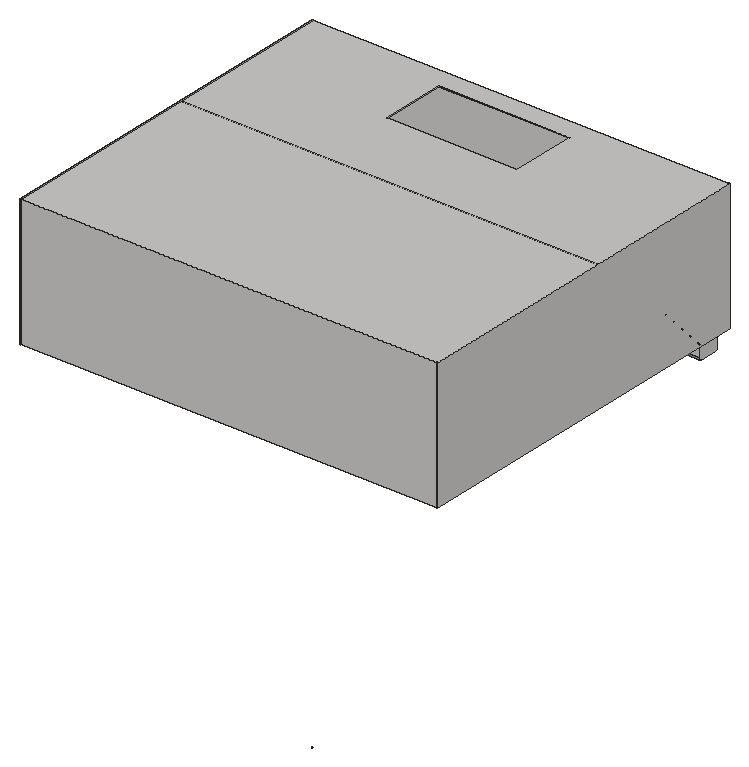
Revit family "QF_ELECTROLUXPROFESSIONAL_642024_EP1416T", category Attrezzature speciali, Revit 2021
Family settings
  Quota connettore circolare = Usa diametro
  Tipo di parte = Normale
  Basato su piano di lavoro = No
  Sempre verticale = Sì
  Taglio con vuoti quando caricato = No
  Condiviso = No
  Punto di calcolo locali = No
Parameters (values of type "Standard")
  Weight = 47.00 kg
  Watts = 0 W
  Volts = 0 V
  URL Manufacturer = "https://www.electroluxprofessional.com/"
  URL = "https://www.electroluxprofessional.com/"
  Steam Supply Size = 0 mm
  Steam Supply Minimum Pressure = 0.0 Pa
  Steam Supply Maximum Pressure = 0.0 Pa
  Steam Consumption per Hour = 0
  Refrigeration Suction Line Size = 0 mm
  Refrigeration Liquid Line Size = 0 mm
  Refrigerant Compressor Remote = yes
  Prospetto di default = 0 mm
  Produttore = "Electrolux Professional"
  Phase = 0
  Modello = "EP1416T"
  Length Actual = 1600 mm  # constant formula
  Item Number = "642024"
  Hot Water Size = 0 mm
  Height Actual = 500 mm  # constant formula
  HP = "0 HP"
  Gas Size = 0 mm
  Gas KW = 0
  Gas Input Pressure = 0 W
  Direct Waste Size = 0 mm
  Descrizione = "304 S/S WALL HOOD+FILTERS 1600X1400MM"
  Depth Actual = 1400 mm  # constant formula
  Cycle = 0 Hz
  Condensate Return Size = 0 mm
  Compressed Air Volume = 0.0 L/s
  Compressed Air Size = 0 mm
  Compressed Air Pressure = 0.0 Pa
  Cold Water Size = 0 mm
  Accessory = yes
Reference planes
  plane 1: z = 0
  plane 2 "Center (Left/Right)": x = 150
  plane 3 "LEFT": x = -650
  plane 4 "RIGHT": x = 950
  plane 5 "BACK": y = 550
  plane 6 "TOP": z = 2500
  plane 7 "Base": z = 2000
  plane 8: z = 1926
  plane 9 "DrainY": y = 485
  plane 10: x = -647
  plane 11: through (0, 414.509, 2000.8) normal (0, 0.7314, 0.682)
  plane 12: y = 470
  plane 13: y = 220
  plane 14 "DrainX": x = 830
  plane 15: x = -100
  plane 16: x = 400
  plane 17: x = 947
  plane 18: x = 740
  plane 19: x = 920
  plane 20: x = -450
  plane 21: x = 750
  plane 22: x = -47.5
  plane 23: x = 347.5
  plane 24: y = -150
  plane 25: y = -850
Forms (mm)
  Extrusion 1, solid, material "QF_Finishes_Stainless Steel"
    sketch origin (-650, 0, 360) x (0, 1, 0) y (0, 0, 1)
      loop
        line (550, 1640) -> (550, 2140) -> (-850, 2140) -> (-850, 1640) -> (550, 1640)
    from 0 to 3
  Extrusion 2, solid, material "QF_Finishes_Stainless Steel"
    sketch origin (150, 0, 360) x (0, 1, 0) y (0, 0, 1)
      loop
        line (415.255, 1640) -> (550, 1640) -> (550, 2139.19) -> (549.2, 2139.19) -> (549.2, 1640.8) -> (415.876, 1640.8) -> (339.347, 1722.867) -> (349.609, 1732.436) -> (348.927, 1733.167) -> (337.934, 1722.917) -> (415.255, 1640)
      loop
        line (-82.203, 2139.19) -> (-82.203, 2118.6) -> (-31.047, 2118.6) -> (34.354, 2048.466) -> (46.028, 2059.352) -> (45.346, 2060.083) -> (34.403, 2049.879) -> (-30.612, 2119.6) -> (-81.203, 2119.6) -> (-81.203, 2139.19) -> (-82.203, 2139.19)
    from -797 to 797
  Extrusion 3, solid, material "QF_Finishes_Stainless Steel"
    sketch origin (950, 0, 360) x (0, 1, 0) y (0, 0, 1)
      loop
        line (550, 1640) -> (550, 2140) -> (-850, 2140) -> (-850, 1640) -> (550, 1640)
    from 0 to -3
  Extrusion 4, solid, material "QF_Finishes_Stainless Steel"
    sketch origin (150, 0, 360) x (0, 1, 0) y (0, 0, 1)
      loop
        line (-850, 2140) -> (-850, 1640) -> (-849.2, 1640) -> (-849.2, 2139.19) -> (550, 2139.19) -> (550, 2140) -> (-850, 2140)
    from -800 to 800
  Extrusion 5, solid, material "QF_Finishes_Stainless Steel"
    sketch origin (150, 0, 360) x (0, 1, 0) y (0, 0, 1)
      loop
        line (534, 1640) -> (436, 1640) -> (436, 1627) -> (443.5, 1627) -> (443.5, 1576)
        arc (443.5, 1576) -> (446.429, 1568.929) -> (453.5, 1566) r 10
        line (453.5, 1566) -> (516.5, 1566)
        arc (516.5, 1566) -> (523.571, 1568.929) -> (526.5, 1576) r 10
        line (526.5, 1576) -> (526.5, 1627) -> (534, 1627) -> (534, 1640)
    from 590 to 770
  Extrusion 6, solid, material "QF_Finishes_Stainless Steel"
    sketch origin (0, 0, 2000) x (0, 1, 0) y (-1, 0, 0)
      loop
        circle (485, -830) r 20
    from -76 to -74
  Extrusion 7, solid, material "QF_Finished_Chrome"
    sketch origin (150, 0, 360) x (0, 1, 0) y (0, 0, 1)
      loop
        line (337.934, 1722.917) -> (341.591, 1726.327) -> (38.011, 2051.876) -> (34.354, 2048.466) -> (337.934, 1722.917)
    from -197.5 to -600
  Extrusion 8, solid, material "QF_Finishes_Stainless Steel"
    sketch origin (150, 0, 360) x (0, 1, 0) y (0, 0, 1)
      loop
        line (337.934, 1722.917) -> (341.591, 1726.327) -> (38.011, 2051.876) -> (34.354, 2048.466) -> (337.934, 1722.917)
    from 797 to 600
  Extrusion 9, solid, material "QF_Finished_Chrome"
    sketch origin (150, 0, 360) x (0, 1, 0) y (0, 0, 1)
      loop
        line (341.588, 1726.324) -> (38.009, 2051.874) -> (34.354, 2048.466) -> (337.934, 1722.917) -> (341.588, 1726.324)
    from 197.5 to 600
  Extrusion 10, void
    sketch origin (0, 0, 2500) x (0, 1, 0) y (-1, 0, 0)
      loop
        line (470, -400) -> (470, 100) -> (220, 100) -> (220, -400) -> (470, -400)
    from 0 to -10
  Extrusion 11, solid, material "QF_Finishes_Stainless Steel"
    sketch origin (0, 0, 0) x (1, 0, 0) y (0, 1, 0)
      loop
        line (-650, 550) -> (-650, 549) -> (-649, 549) -> (-649, 550) -> (-650, 550)
    from 0 to 1
  Extrusion 12, solid, material "QF_Finishes_Stainless Steel"
    sketch origin (150, 0, 360) x (0, 1, 0) y (0, 0, 1)
      loop
        line (337.934, 1722.917) -> (341.591, 1726.327) -> (38.011, 2051.876) -> (34.354, 2048.466) -> (337.934, 1722.917)
    from -600 to -797
  Extrusion 13, solid, material "QF_Finishes_Stainless Steel"
    sketch origin (150, 0, 360) x (0, 1, 0) y (0, 0, 1)
      loop
        line (337.934, 1722.917) -> (341.591, 1726.327) -> (38.011, 2051.876) -> (34.354, 2048.466) -> (337.934, 1722.917)
    from 197.5 to -197.5
Cuts and joins
  Extrusion 10 cuts Extrusion 4
  joined: Extrusion 2, Extrusion 4
Lines and regions (mm)
  reference lines
    curve 1: line (150, 34.354, 2408.466) -> (150, 34.354, 2248.466)
  symbolic lines, style "SpecialityEquipment", detail levels coarse
    curve 2: line (950, 550, 2500) -> (-650, 550, 2500)
    curve 3: line (-650, 550, 2500) -> (-650, -850, 2500)
    curve 4: line (950, -850, 2500) -> (950, 550, 2500)
    curve 5: line (400, 220, 2500) -> (-100, 220, 2500)
    curve 6: line (400, 470, 2500) -> (400, 220, 2500)
    curve 7: line (-100, 470, 2500) -> (400, 470, 2500)
    curve 8: line (-100, 220, 2500) -> (-100, 470, 2500)
    curve 9: line (-650, -850, 0) -> (950, 550, 0)
    curve 10: line (-650, 550, 0) -> (950, -850, 0)
  symbolic lines, detail levels coarse
    curve 11: line (-650, -850, 0) -> (950, -850, 0)
Dimensions and locks
  plane 3 "LEFT" to plane 4 "RIGHT" = 1600 mm
  equal spacing: plane 3 "LEFT", plane 2 "Center (Left/Right)", plane 4 "RIGHT"
  plane 7 "Base" to plane 8 = 74 mm
  plane 5 "BACK" to plane 9 "DrainY" = 65 mm  (x2)
  plane 3 "LEFT" to plane 10 = 3 mm
  plane 5 "BACK" to plane 12 = 80 mm
  plane 12 to plane 13 = 250 mm  (x2)
  plane 14 "DrainX" to plane 4 "RIGHT" = 120 mm
  plane 17 to plane 4 "RIGHT" = 3 mm
  locked: plane 18 to plane 14 "DrainX" at 90
  locked: plane 14 "DrainX" to plane 19 at 90
  plane 12 to plane 5 "BACK" = 80 mm
  plane 3 "LEFT" to plane 20 = 200 mm
  plane 21 to plane 4 "RIGHT" = 200 mm
  locked: plane 22 to plane 23 at 395
  equal spacing: plane 22, plane 2 "Center (Left/Right)", plane 23
  locked: plane 15 to plane 16 at 500
  equal spacing: plane 15, plane 2 "Center (Left/Right)", plane 16
  locked: plane 7 "Base" to level at 2000
  locked: plane 6 "TOP" to plane 7 "Base" at 500
  plane 5 "BACK" to plane 25 = 1400 mm  (x2)
  equal spacing: plane 5 "BACK", plane 24, plane 25
  aligned and locked: level to plane 1
  aligned and locked: Extrusion 2 to Extrusion 1
  aligned and locked: Extrusion 2 to Extrusion 3
  aligned and locked: plane 4 "RIGHT" to Extrusion 4
  aligned and locked: Extrusion 4 to plane 3 "LEFT"
  aligned and locked: plane 17 to Extrusion 8
  aligned and locked: Extrusion 10 to plane 15
  aligned and locked: Extrusion 10 to plane 13
  aligned and locked: Extrusion 10 to plane 12
  aligned and locked: Extrusion 2 to Extrusion 4
  aligned and locked: plane 19 to Extrusion 5
  aligned and locked: Extrusion 5 to plane 18
  aligned and locked: Extrusion 8 to plane 21
  aligned and locked: Extrusion 9 to plane 21
  aligned and locked: Extrusion 7 to plane 20
  aligned and locked: Extrusion 12 to plane 10
  aligned and locked: plane 20 to Extrusion 12
  aligned and locked: Extrusion 3 to plane 17
  aligned and locked: Extrusion 10 to plane 16
  aligned and locked: plane 16 to curve 6
  aligned and locked: plane 23 to Extrusion 13
  aligned and locked: Extrusion 13 to plane 22
  aligned and locked: Extrusion 9 to plane 23
Automatic sketch dimensions
  Extrusion 1 sketch curve to plane 7 "Base" = 0 mm
  Extrusion 1 sketch curve to plane 5 "BACK" = 0 mm
  Extrusion 1 sketch curve to plane 6 "TOP" = 0 mm
  Extrusion 2 sketch curve to plane 11 = 0 mm  (x3)
  Extrusion 2 sketch curve to plane 7 "Base" = 0 mm
  plane 11 to Extrusion 2 sketch curve = 0 mm
  Extrusion 2 sketch curve to plane 5 "BACK" = 0 mm
  Extrusion 2 sketch curve to Extrusion 2 sketch curve = 65.646 mm
  Extrusion 2 sketch curve to Extrusion 2 sketch curve = 0.682 mm  (x2)
  Extrusion 2 sketch curve to Extrusion 2 sketch curve = 10.261 mm
  plane 7 "Base" to Extrusion 2 sketch curve = 82.917 mm
  Extrusion 2 sketch curve to Extrusion 2 sketch curve = 10.942 mm
  Extrusion 2 sketch curve to Extrusion 2 sketch curve = 0.049 mm
  Extrusion 2 sketch curve to plane 6 "TOP" = 20.4 mm
  Extrusion 2 sketch curve to plane 6 "TOP" = 21.4 mm
  Extrusion 2 sketch curve to plane 6 "TOP" = 0.81 mm  (x2)
  Extrusion 2 sketch curve to Extrusion 2 sketch curve = 50.156 mm
  Extrusion 2 sketch curve to Extrusion 2 sketch curve = 1 mm
  plane 7 "Base" to Extrusion 2 sketch curve = 0.8 mm
  Extrusion 2 sketch curve to plane 5 "BACK" = 0.8 mm
  Extrusion 3 sketch curve to plane 7 "Base" = 0 mm
  Extrusion 3 sketch curve to plane 5 "BACK" = 0 mm
  Extrusion 3 sketch curve to plane 6 "TOP" = 0 mm
  Extrusion 4 sketch curve to plane 5 "BACK" = 0 mm
  Extrusion 4 sketch curve to plane 6 "TOP" = 0 mm
  Extrusion 4 sketch curve to plane 6 "TOP" = 0.81 mm
  curve 1 to plane 11 = 0 mm
  Extrusion 5 sketch curve to plane 7 "Base" = 0 mm
  Extrusion 5 sketch curve to plane 8 = 0 mm
  Extrusion 5 sketch curve to plane 7 "Base" = 13 mm  (x2)
  plane 12 to Extrusion 5 sketch curve = 34 mm
  Extrusion 5 sketch curve to Extrusion 5 sketch curve = 7.5 mm  (x2)
  Extrusion 5 sketch curve to Extrusion 5 sketch curve = 10 mm
  plane 9 "DrainY" to Extrusion 5 sketch curve = 31.5 mm
  Extrusion 5 sketch curve to plane 5 "BACK" = 23.5 mm
  Extrusion 6 sketch curve to plane 9 "DrainY" = 0 mm
  Extrusion 6 sketch curve to plane 14 "DrainX" = 0 mm
  Extrusion 7 sketch curve to plane 11 = 0 mm  (x2)
  Extrusion 7 sketch curve to Extrusion 7 sketch curve = 3.657 mm
  plane 7 "Base" to Extrusion 7 sketch curve = 82.917 mm
  Extrusion 8 sketch curve to plane 11 = 0 mm  (x2)
  Extrusion 8 sketch curve to Extrusion 8 sketch curve = 3.657 mm
  plane 7 "Base" to Extrusion 8 sketch curve = 82.917 mm
  Extrusion 9 sketch curve to plane 11 = 0 mm  (x2)
  Extrusion 9 sketch curve to Extrusion 9 sketch curve = 3.655 mm
  plane 7 "Base" to Extrusion 9 sketch curve = 82.917 mm
  Extrusion 10 sketch curve to plane 13 = 0 mm
  plane 12 to Extrusion 10 sketch curve = 0 mm
  Extrusion 10 sketch curve to plane 16 = 0 mm
  Extrusion 10 sketch curve to plane 15 = 0 mm
  Extrusion 11 sketch curve to plane 3 "LEFT" = 0 mm
  Extrusion 11 sketch curve to plane 5 "BACK" = 0 mm
  plane 3 "LEFT" to Extrusion 11 sketch curve = 1 mm
  Extrusion 11 sketch curve to Extrusion 11 sketch curve = 1 mm
  Extrusion 12 sketch curve to plane 11 = 0 mm  (x2)
  Extrusion 12 sketch curve to Extrusion 12 sketch curve = 3.657 mm
  plane 7 "Base" to Extrusion 12 sketch curve = 82.917 mm
  Extrusion 13 sketch curve to plane 11 = 0 mm  (x2)
  Extrusion 13 sketch curve to Extrusion 13 sketch curve = 3.657 mm
  plane 7 "Base" to Extrusion 13 sketch curve = 82.917 mm
  Extrusion 4 sketch curve to Extrusion 4 sketch curve = 499.19 mm
  curve 1 to curve 1 = 160 mm
  Extrusion 4 sketch curve to Extrusion 4 sketch curve = 0.8 mm
  Extrusion 1 sketch curve to plane 13 = 1070 mm
  Extrusion 2 sketch curve to plane 6 "TOP" = 91.534 mm
  Extrusion 3 sketch curve to plane 13 = 1070 mm
  Extrusion 4 sketch curve to plane 13 = 1069.2 mm
  curve 1 to plane 13 = 185.646 mm
  Extrusion 7 sketch curve to plane 6 "TOP" = 88.124 mm
  Extrusion 8 sketch curve to plane 6 "TOP" = 88.124 mm
  Extrusion 9 sketch curve to plane 6 "TOP" = 88.126 mm
  Extrusion 12 sketch curve to plane 6 "TOP" = 88.124 mm
  Extrusion 13 sketch curve to plane 6 "TOP" = 88.124 mm
  curve 3 to plane 3 "LEFT" = 0 mm
  curve 3 to plane 25 = 0 mm
  curve 4 to plane 4 "RIGHT" = 0 mm
  curve 4 to plane 25 = 0 mm
  curve 5 to plane 13 = 0 mm
  plane 12 to curve 7 = 0 mm
  curve 3 to plane 5 "BACK" = 0 mm
  curve 5 to plane 15 = 0 mm
  curve 10 to plane 3 "LEFT" = 0 mm
  curve 9 to plane 3 "LEFT" = 0 mm
  curve 10 to plane 4 "RIGHT" = 0 mm
  curve 9 to plane 4 "RIGHT" = 0 mm
  curve 10 to plane 25 = 0 mm
  curve 10 to plane 5 "BACK" = 0 mm
  curve 9 to plane 5 "BACK" = 0 mm
  radius of Extrusion 6 sketch curve = 20 mm
Connectors
  piping at (830, 485, 1924), diameter 20
    settings: on Extrusion 6, index 1, connector inside diameter 609.6 mm, connector length 0 mm, flow factor 0, pipe flow 0.0 L/s, pressure drop 0.0 Pa, fitting loss kfactor 0, connector angle 0.00°, fixture units 0, engagement length 0 mm, angle of deflection 0.00°, flow configuration 1, flow direction 2, fitting loss method 0, system type 16, joint type 0, gender type 0, connector reference index -1, connector utility 0, adjustable connector no, is connector primary yes, connector description "Drain"
  hvac at (150, 345, 2500)
    settings: on Extrusion 10, index 2, duct flow 0.0 L/s, flow factor 0, pres drop 0.0 Pa, loss coef 0, conn angle 0.00°, conn width 250 mm, conn height 500 mm, conn diameter 609.6 mm, duct sys type 3, conn prof type 1, flow config 1, flow direction 0, loss method 0, conn ref index -1, conn util no, is conn primary yes, conn desc "EXHAUST OUTLET"
